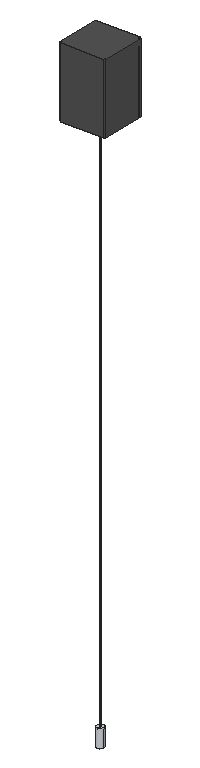
Revit family "Centro2.0-Hub", category Lighting Fixtures, host Face, Revit 2018
Family settings
  Host = Face
  Round Connector Dimension = Use Diameter
  Part Type = Normal
  Cut with Voids When Loaded = No
  Light Source = No
  Shared = Yes
  Room Calculation Point = No
Parameters (values of type "90X - Hub")
  Type Comments = ""
  Material [instance] = LUX ILLUMINAIRE Black
  Code Label Visibility = yes
  Code Label = "CEN90X"
  Suspension Length [instance] = 3' - 0"
  Manufacturer = "LUX ILLUMINAIRE"
  Lamp = "LED"
  Fixture Symbol - Centro - Visibility = yes
  Fixture Height = 0' - 4"
  Fixture Top [instance] = Suspension Length - Fixture Height  # 2' - 8"
  60L - Hub = no
  45L - Hub = no
  30L - Hub = no
  135Y - Hub = no
  135X - Hub = no
  120Y - Hub = no
  90X - Hub = yes
  90T - Hub = no
  135L - Hub = no
  Default Elevation = 4' - 0"
  built-in parameter 1140040 [instance] = (empty or 0)
  90L - Hub = no
  120X - Hub = no
  120L - Hub = no
  Apparent Load = 0 VA
Types (12): name | Type Comments | Code Label | Suspension Length | Manufacturer | Fixture Top | 60L - Hub | 45L - Hub | 30L - Hub | 135Y - Hub | 135X - Hub | 120Y - Hub | 90X - Hub | 90T - Hub | 135L - Hub | 90L - Hub | 120X - Hub | 120L - Hub
  135L - Hub | "LUX ILLUMINAIRE" | "CEN135L" | 2' - 0" | 0' - 0" | 1' - 8" | no | no | no | no | no | no | no | no | yes | no | no | no
  120L - Hub | "" | "CEN120L" | 2' - 0" | "LUX ILLUMINAIRE" | 1' - 8" | no | no | no | no | no | no | no | no | no | no | no | yes
  90L - Hub | "" | "CEN90L" | 2' - 0" | "LUX ILLUMINAIRE" | 1' - 8" | no | no | no | no | no | no | no | no | no | yes | no | no
  90T - Hub | "" | "CEN90T" | 2' - 0" | "LUX ILLUMINAIRE" | 1' - 8" | no | no | no | no | no | no | no | yes | no | no | no | no
  90X - Hub | "" | "CEN90X" | 3' - 0" | "LUX ILLUMINAIRE" | 2' - 8" | no | no | no | no | no | no | yes | no | no | no | no | no
  120Y - Hub | "" | "CEN120Y" | 2' - 0" | "LUX ILLUMINAIRE" | 1' - 8" | no | no | no | no | no | yes | no | no | no | no | no | no
  135Y - Hub | "" | "CEN135Y" | 2' - 0" | "LUX ILLUMINAIRE" | 1' - 8" | no | no | no | yes | no | no | no | no | no | no | no | no
  30L - Hub | "" | "CEN30L" | 2' - 0" | "LUX ILLUMINAIRE" | 1' - 8" | no | no | yes | no | no | no | no | no | no | no | no | no
  45L - Hub | "" | "CEN45L" | 2' - 0" | "LUX ILLUMINAIRE" | 1' - 8" | no | yes | no | no | no | no | no | no | no | no | no | no
  60L - Hub | "" | "CEN60L" | 2' - 0" | "LUX ILLUMINAIRE" | 1' - 8" | yes | no | no | no | no | no | no | no | no | no | no | no
  120X - Hub | "" | "CEN120X" | 2' - 0" | "LUX ILLUMINAIRE" | 1' - 8" | no | no | no | no | no | no | no | no | no | no | yes | no
  135X - Hub | "" | "CEN135X" | 2' - 0" | "LUX ILLUMINAIRE" | 1' - 8" | no | no | no | no | yes | no | no | no | no | no | no | no
Reference planes (in)
  plane 1 "Center (Front/Back)": y = 0
  plane 2: z = 0
  plane 3 "Center (Left/Right)": x = 0
  plane 4: z = 36
  plane 5: z = 1
  plane 6: z = 32
  plane 7: z = 31.25
Forms (in)
  Extrusion 1, solid
    sketch origin (0, 24, 0) x (1, 0, 0) y (0, 1, 0)
      loop
        circle (0.00029, -24) r 0.1875
    from 0 to 1
  Extrusion 2, solid
    sketch origin (0, 24, 0) x (1, 0, 0) y (0, 1, 0)
      loop
        circle (0.0005, -24) r 0.03125
    from 1 to 31.25
  Extrusion 3, solid
    sketch origin (0, 24, 0) x (1, 0, 0) y (0, 1, 0)
      loop
        circle (0.0005, -24) r 0.18729
    from 31.25 to 32
  Extrusion 4, solid, not visible
    sketch origin (0, 0, 0) x (1, 0, 0) y (0, 1, 0)
      loop
        circle (0.00029, -24) r 0.1875
    from 0 to 1
  Extrusion 5, solid, not visible
    sketch origin (0, 0, 0) x (1, 0, 0) y (0, 1, 0)
      loop
        circle (0.0005, -24) r 0.03125
    from 1 to 13.33203
  Extrusion 6, solid, not visible
    sketch origin (0, 0, 0) x (1, 0, 0) y (0, 1, 0)
      loop
        circle (0.0005, -24) r 0.18729
    from 13.33203 to 14.08203
  Extrusion 7, solid, material "LUX ILLUMINAIRE Black" <- "Material", visible <- "135L - Hub"
    sketch origin (0, 24, 0) x (1, 0, 0) y (0, 1, 0)
      loop
        line (-1.225, -22.69) -> (-1.225, -24.45563)
        arc (-1.225, -24.45563) -> (-1.21548, -24.50347) -> (-1.18839, -24.54402) r 0.125
        line (-1.18839, -24.54402) -> (0.0601, -25.79252) -> (1.79252, -24.0601) -> (1.26161, -23.5292)
        arc (1.26161, -23.5292) -> (1.23452, -23.48865) -> (1.225, -23.44081) r 0.125
        line (1.225, -23.44081) -> (1.225, -22.69) -> (-1.225, -22.69)
    from 32 <- "Fixture Top" to 36 <- "Suspension Length"
  Extrusion 8, solid, material "LUX ILLUMINAIRE Black" <- "Material", visible <- "120L - Hub"
    sketch origin (0, 0, 0) x (1, 0, 0) y (0, 1, 0)
      loop
        line (-1.225, 1.31) -> (-1.225, -0.63509)
        arc (-1.225, -0.63509) -> (-1.20825, -0.69759) -> (-1.1625, -0.74334) r 0.125
        line (-1.1625, -0.74334) -> (0.52199, -1.71588) -> (1.74699, 0.40588) -> (1.2875, 0.67117)
        arc (1.2875, 0.67117) -> (1.24175, 0.71692) -> (1.225, 0.77942) r 0.125
        line (1.225, 0.77942) -> (1.225, 1.31) -> (-1.225, 1.31)
    from 32 <- "Fixture Top" to 36 <- "Suspension Length"
  Extrusion 9, solid, material "LUX ILLUMINAIRE Black" <- "Material", visible <- "90L - Hub"
    sketch origin (0, 0, 0) x (1, 0, 0) y (0, 1, 0)
      loop
        line (-1.31, -1.22) -> (-1.24, -1.22)
        arc (-1.24, -1.22) -> (-1.22586, -1.22586) -> (-1.22, -1.24) r 0.02
        line (-1.22, -1.24) -> (-1.22, -1.31) -> (1.23, -1.31) -> (1.23, 1.1)
        arc (1.23, 1.1) -> (1.19192, 1.19192) -> (1.1, 1.23) r 0.13
        line (1.1, 1.23) -> (-1.31, 1.23) -> (-1.31, -1.22)
    from 32 <- "Fixture Top" to 36 <- "Suspension Length"
  Extrusion 10, solid, material "LUX ILLUMINAIRE Black" <- "Material", visible <- "120Y - Hub"
    sketch origin (0, 0, 0) x (1, 0, 0) y (0, 1, 0)
      loop
        line (-1.225, 1.31) -> (-1.225, 0.77942)
        arc (-1.225, 0.77942) -> (-1.24175, 0.71692) -> (-1.2875, 0.67117) r 0.125
        line (-1.2875, 0.67117) -> (-1.74699, 0.40588) -> (-0.52199, -1.71588) -> (-0.0625, -1.45059)
        arc (-0.0625, -1.45059) -> (0, -1.43385) -> (0.0625, -1.45059) r 0.125
        line (0.0625, -1.45059) -> (0.52199, -1.71588) -> (1.74699, 0.40588) -> (1.2875, 0.67117)
        arc (1.2875, 0.67117) -> (1.24175, 0.71692) -> (1.225, 0.77942) r 0.125
        line (1.225, 0.77942) -> (1.225, 1.31) -> (-1.225, 1.31)
    from 32 <- "Fixture Top" to 36 <- "Suspension Length"
  Extrusion 11, solid, material "LUX ILLUMINAIRE Black" <- "Material", visible <- "135Y - Hub"
    sketch origin (0, 0, 0) x (1, 0, 0) y (0, 1, 0)
      loop
        line (-1.225, 1.31) -> (-1.225, 0.56145)
        arc (-1.225, 0.56145) -> (-1.23452, 0.51362) -> (-1.26161, 0.47306) r 0.125
        line (-1.26161, 0.47306) -> (-1.79365, -0.05897) -> (-0.06124, -1.79138) -> (-0.01414, -1.74429)
        arc (-0.01414, -1.74429) -> (0, -1.73843) -> (0.01414, -1.74429) r 0.02
        line (0.01414, -1.74429) -> (0.06124, -1.79138) -> (1.79252, -0.0601) -> (1.26161, 0.4708)
        arc (1.26161, 0.4708) -> (1.23452, 0.51135) -> (1.225, 0.55919) r 0.125
        line (1.225, 0.55919) -> (1.225, 1.31) -> (-1.225, 1.31)
    from 32 <- "Fixture Top" to 36 <- "Suspension Length"
  Extrusion 12, solid, material "LUX ILLUMINAIRE Black" <- "Material", visible <- "90T - Hub"
    sketch origin (0, 0, 0) x (1, 0, 0) y (0, 1, 0)
      loop
        line (-1.31, -1.225) -> (-1.24, -1.225)
        arc (-1.24, -1.225) -> (-1.22586, -1.23086) -> (-1.22, -1.245) r 0.02
        line (-1.22, -1.245) -> (-1.22, -1.31) -> (1.23, -1.31) -> (1.23, 1.31) -> (-1.22, 1.31) -> (-1.22, 1.245)
        arc (-1.22, 1.245) -> (-1.22586, 1.23086) -> (-1.24, 1.225) r 0.02
        line (-1.24, 1.225) -> (-1.31, 1.225) -> (-1.31, -1.225)
    from 32 <- "Fixture Top" to 36 <- "Suspension Length"
  Extrusion 13, solid, material "LUX ILLUMINAIRE Black" <- "Material", visible <- "90X - Hub"
    sketch origin (0, 0, 0) x (1, 0, 0) y (0, 1, 0)
      loop
        line (-1.31, -1.225) -> (-1.245, -1.225)
        arc (-1.245, -1.225) -> (-1.23086, -1.23086) -> (-1.225, -1.245) r 0.02
        line (-1.225, -1.245) -> (-1.225, -1.31) -> (1.225, -1.31) -> (1.225, -1.245)
        arc (1.225, -1.245) -> (1.23086, -1.23086) -> (1.245, -1.225) r 0.02
        line (1.245, -1.225) -> (1.31, -1.225) -> (1.31, 1.225) -> (1.245, 1.225)
        arc (1.245, 1.225) -> (1.23086, 1.23086) -> (1.225, 1.245) r 0.02
        line (1.225, 1.245) -> (1.225, 1.31) -> (-1.225, 1.31) -> (-1.225, 1.245)
        arc (-1.225, 1.245) -> (-1.23086, 1.23086) -> (-1.245, 1.225) r 0.02
        line (-1.245, 1.225) -> (-1.31, 1.225) -> (-1.31, -1.225)
    from 32 <- "Fixture Top" to 36 <- "Suspension Length"
  Extrusion 14, solid, material "LUX ILLUMINAIRE Black" <- "Material", visible <- "60L - Hub"
    sketch origin (0, 0, 0) x (1, 0, 0) y (0, 1, 0)
      loop
        line (-1.35, 2.05) -> (-1.35, -1.69741)
        arc (-1.35, -1.69741) -> (-1.165, -2.01784) -> (-0.795, -2.01784) r 0.37
        line (-0.795, -2.01784) -> (2.45035, -0.14413) -> (1.22535, 1.97763) -> (1.16, 1.9399)
        arc (1.16, 1.9399) -> (1.12, 1.9399) -> (1.1, 1.97454) r 0.04
        line (1.1, 1.97454) -> (1.1, 2.05) -> (-1.35, 2.05)
    from 32 <- "Fixture Top" to 36 <- "Suspension Length"
  Extrusion 15, solid, material "LUX ILLUMINAIRE Black" <- "Material", visible <- "45L - Hub"
    sketch origin (0, 0, 0) x (1, 0, 0) y (0, 1, 0)
      loop
        line (-1.38, 2.64) -> (-1.38, -2.43836)
        arc (-1.38, -2.43836) -> (-1.15159, -2.78019) -> (-0.74837, -2.69999) r 0.37
        line (-0.74837, -2.69999) -> (2.84257, 0.89095) -> (1.11016, 2.62337)
        arc (1.11016, 2.62337) -> (1.08423, 2.61756) -> (1.07, 2.64) r 0.02309
        line (1.07, 2.64) -> (-1.38, 2.64)
    from 32 <- "Fixture Top" to 36 <- "Suspension Length"
  Extrusion 16, solid, material "LUX ILLUMINAIRE Black" <- "Material", visible <- "30L - Hub"
    sketch origin (0, 0, 0) x (1, 0, 0) y (0, 1, 0)
      loop
        line (-1.38, 4.07315) -> (-1.38, -3.76937)
        arc (-1.38, -3.76937) -> (-1.10576, -4.12676) -> (-0.68957, -3.95437) r 0.37
        line (-0.68957, -3.95437) -> (3.23012, 2.83472) -> (1.10835, 4.05972)
        arc (1.10835, 4.05972) -> (1.08499, 4.05341) -> (1.07101, 4.07315) r 0.02114
        line (1.07101, 4.07315) -> (-1.38, 4.07315)
    from 32 <- "Fixture Top" to 36 <- "Suspension Length"
  Extrusion 17, solid, material "LUX ILLUMINAIRE Black" <- "Material", visible <- "120X - Hub"
    sketch origin (0, 0, 0) x (1, 0, 0) y (0, 1, 0)
      loop
        line (1.22, 2.3) -> (-1.23, 2.3) -> (-1.23, 0.71014) -> (-2.60686, -0.08479) -> (-1.38186, -2.20655) -> (-1.29617, -2.15708)
        arc (-1.29617, -2.15708) -> (-1.24539, -2.15708) -> (-1.22, -2.20106) r 0.05078
        line (-1.22, -2.20106) -> (-1.22, -2.3) -> (1.23, -2.3) -> (1.23, -0.71014) -> (2.60686, 0.08479) -> (1.38186, 2.20655) -> (1.29471, 2.15624)
        arc (1.29471, 2.15624) -> (1.2449, 2.15624) -> (1.22, 2.19937) r 0.04981
        line (1.22, 2.19937) -> (1.22, 2.3)
    from 32 <- "Fixture Top" to 36 <- "Suspension Length"
  Extrusion 18, solid, material "LUX ILLUMINAIRE Black" <- "Material", visible <- "135X - Hub"
    sketch origin (0, 0, 0) x (1, 0, 0) y (0, 1, 0)
      loop
        line (1.22, 3.13) -> (-1.23, 3.13) -> (-1.23, 0.50948) -> (-3.08299, -1.3435) -> (-1.35057, -3.07591) -> (-1.30881, -3.03415)
        arc (-1.30881, -3.03415) -> (-1.25211, -3.02287) -> (-1.22, -3.07093) r 0.05202
        line (-1.22, -3.07093) -> (-1.22, -3.13) -> (1.23, -3.13) -> (1.23, -0.50948) -> (3.08299, 1.3435) -> (1.35057, 3.07591) -> (1.3049, 3.03024)
        arc (1.3049, 3.03024) -> (1.2507, 3.01946) -> (1.22, 3.0654) r 0.04973
        line (1.22, 3.0654) -> (1.22, 3.13)
    from 32 <- "Fixture Top" to 36 <- "Suspension Length"
Lines and regions (in)
  symbolic lines, visible <- "Fixture Symbol - Centro - Visibility"
    curve 1: line (4, 4, 0) -> (4, -4, 0)
    curve 2: line (-4, 4, 0) -> (4, 4, 0)
    curve 3: line (-4, -4, 0) -> (-4, 4, 0)
    curve 4: line (4, -4, 0) -> (-4, -4, 0)
  symbolic lines, not visible
    curve 5: circle (0, 0, 0) r 4 normal (0, 0, 1)
Dimensions and locks (in)
  plane 4 to host face = 3' - 0"
  "Suspension Length": plane 4 to level
  locked: plane 6 to plane 7 at 0.75
  "Fixture Height": plane 4 to plane 6
  Extrusion 17 sketch curve to plane 3 "Center (Left/Right)" = 0' - 2.3"  (x2)
  aligned and locked: plane 2 to host face
  aligned and locked: level to host face
  aligned and locked: plane 6 to Extrusion 3
  aligned and locked: Extrusion 3 to plane 7
  aligned and locked: plane 7 to Extrusion 2
Automatic sketch dimensions
  host sketch curve to host sketch curve = 8' - 0"  (x2)
  plane 3 "Center (Left/Right)" to Extrusion 1 sketch curve = 0' - 0.00029"
  plane 3 "Center (Left/Right)" to Extrusion 2 sketch curve = 0' - 0.0005"
  plane 3 "Center (Left/Right)" to Extrusion 3 sketch curve = 0' - 0.0005"
  plane 1 "Center (Front/Back)" to Extrusion 1 sketch curve = 0' - 0"
  plane 1 "Center (Front/Back)" to Extrusion 2 sketch curve = 0' - 0"
  plane 1 "Center (Front/Back)" to Extrusion 3 sketch curve = 0' - 0"
  plane 1 "Center (Front/Back)" to curve 5 = 0' - 0"
  curve 5 to plane 3 "Center (Left/Right)" = 0' - 0"
  curve 3 to plane 3 "Center (Left/Right)" = 0' - 4"
  plane 3 "Center (Left/Right)" to curve 4 = 0' - 4"
  plane 1 "Center (Front/Back)" to curve 3 = 0' - 4"
  curve 2 to plane 1 "Center (Front/Back)" = 0' - 4"
  Extrusion 14 sketch curve to Extrusion 14 sketch curve = 0' - 0.37"
  Extrusion 14 sketch curve to Extrusion 14 sketch curve = 0' - 0.185"
  Extrusion 14 sketch curve to Extrusion 14 sketch curve = 0' - 0.04"
  Extrusion 14 sketch curve to Extrusion 14 sketch curve = 0' - 0.02"
  Extrusion 14 sketch curve to Extrusion 14 sketch curve = 0' - 0.06535"
  plane 1 "Center (Front/Back)" to Extrusion 14 sketch curve = 0' - 0.14413"
  Extrusion 14 sketch curve to Extrusion 14 sketch curve = 0' - 1.225"
  plane 3 "Center (Left/Right)" to Extrusion 14 sketch curve = 0' - 1.1"
  Extrusion 14 sketch curve to plane 3 "Center (Left/Right)" = 0' - 0.795"
  Extrusion 14 sketch curve to Extrusion 14 sketch curve = 0' - 0.07546"
  Extrusion 15 sketch curve to plane 3 "Center (Left/Right)" = 0' - 1.38"
  Extrusion 15 sketch curve to Extrusion 15 sketch curve = 0' - 0.37"
  Extrusion 15 sketch curve to Extrusion 15 sketch curve = 0' - 0.26163"
  Extrusion 15 sketch curve to plane 1 "Center (Front/Back)" = 0' - 0.89095"
  Extrusion 15 sketch curve to Extrusion 15 sketch curve = 0' - 0.00111"
  Extrusion 15 sketch curve to Extrusion 15 sketch curve = 0' - 0.02306"
  Extrusion 15 sketch curve to Extrusion 15 sketch curve = 0' - 0.01709"
  plane 3 "Center (Left/Right)" to Extrusion 15 sketch curve = 0' - 1.07"
  Extrusion 15 sketch curve to Extrusion 15 sketch curve = 0' - 1.73241"
  Extrusion 16 sketch curve to plane 3 "Center (Left/Right)" = 0' - 1.38"
  Extrusion 16 sketch curve to Extrusion 16 sketch curve = 0' - 0.37"
  Extrusion 16 sketch curve to Extrusion 16 sketch curve = 0' - 0.32043"
  Extrusion 16 sketch curve to Extrusion 16 sketch curve = 0' - 0.01621"
  Extrusion 16 sketch curve to Extrusion 16 sketch curve = 0' - 0.01358"
  Extrusion 16 sketch curve to Extrusion 16 sketch curve = 0' - 0.00015"
  plane 3 "Center (Left/Right)" to Extrusion 16 sketch curve = 0' - 1.07101"
  Extrusion 16 sketch curve to plane 1 "Center (Front/Back)" = 0' - 2.83472"
  Extrusion 16 sketch curve to Extrusion 16 sketch curve = 0' - 2.12176"
  plane 1 "Center (Front/Back)" to Extrusion 17 sketch curve = 0' - 0.08479"
  Extrusion 17 sketch curve to plane 3 "Center (Left/Right)" = 0' - 1.38186"
  Extrusion 17 sketch curve to Extrusion 17 sketch curve = 0' - 0.08569"
  Extrusion 17 sketch curve to Extrusion 17 sketch curve = 0' - 0.02539"
  Extrusion 17 sketch curve to plane 3 "Center (Left/Right)" = 0' - 1.23"
  Extrusion 17 sketch curve to Extrusion 17 sketch curve = 0' - 0 13/256"
  plane 3 "Center (Left/Right)" to Extrusion 17 sketch curve = 0' - 1.22"
  plane 3 "Center (Left/Right)" to Extrusion 17 sketch curve = 0' - 1.23"
  Extrusion 17 sketch curve to Extrusion 17 sketch curve = 0' - 0.04981"
  Extrusion 17 sketch curve to Extrusion 17 sketch curve = 0' - 0.0249"
  Extrusion 17 sketch curve to Extrusion 17 sketch curve = 0' - 0.08714"
  Extrusion 17 sketch curve to plane 1 "Center (Front/Back)" = 0' - 0.08479"
  Extrusion 17 sketch curve to Extrusion 17 sketch curve = 0' - 0.09894"
  Extrusion 17 sketch curve to Extrusion 17 sketch curve = 0' - 1 151/256"
  plane 1 "Center (Front/Back)" to Extrusion 18 sketch curve = 0' - 1.3435"
  Extrusion 18 sketch curve to plane 3 "Center (Left/Right)" = 0' - 1.35057"
  Extrusion 18 sketch curve to Extrusion 18 sketch curve = 0' - 0.04177"
  Extrusion 18 sketch curve to Extrusion 18 sketch curve = 0' - 0.03679"
  Extrusion 18 sketch curve to plane 1 "Center (Front/Back)" = 0' - 0.50948"
  Extrusion 18 sketch curve to plane 3 "Center (Left/Right)" = 0' - 1.23"
  Extrusion 18 sketch curve to Extrusion 18 sketch curve = 0' - 0.05202"
  plane 3 "Center (Left/Right)" to Extrusion 18 sketch curve = 0' - 1.22"
  plane 3 "Center (Left/Right)" to Extrusion 18 sketch curve = 0' - 1.23"
  Extrusion 18 sketch curve to Extrusion 18 sketch curve = 0' - 0.04973"
  Extrusion 18 sketch curve to Extrusion 18 sketch curve = 0' - 0 9/256"
  Extrusion 18 sketch curve to Extrusion 18 sketch curve = 0' - 0.04568"
  Extrusion 18 sketch curve to plane 1 "Center (Front/Back)" = 0' - 1.3435"
  Extrusion 18 sketch curve to Extrusion 18 sketch curve = 0' - 0.05907"
  plane 1 "Center (Front/Back)" to Extrusion 18 sketch curve = 0' - 0.50948"
  Extrusion 18 sketch curve to Extrusion 18 sketch curve = 0' - 0.0646"
  Extrusion 9 sketch curve to plane 3 "Center (Left/Right)" = 0' - 1.31"
  Extrusion 9 sketch curve to Extrusion 9 sketch curve = 0' - 0.07"  (x2)
  Extrusion 9 sketch curve to Extrusion 9 sketch curve = 0' - 0.02"
  plane 3 "Center (Left/Right)" to Extrusion 9 sketch curve = 0' - 1.1"
  plane 3 "Center (Left/Right)" to Extrusion 9 sketch curve = 0' - 1.23"
  plane 1 "Center (Front/Back)" to Extrusion 9 sketch curve = 0' - 1.31"
  Extrusion 9 sketch curve to plane 1 "Center (Front/Back)" = 0' - 1.1"
  Extrusion 13 sketch curve to plane 3 "Center (Left/Right)" = 0' - 1.31"
  Extrusion 13 sketch curve to Extrusion 13 sketch curve = 0' - 0.065"  (x6)
  Extrusion 13 sketch curve to Extrusion 13 sketch curve = 0' - 0.02"  (x4)
  plane 3 "Center (Left/Right)" to Extrusion 13 sketch curve = 0' - 1.225"  (x2)
  plane 1 "Center (Front/Back)" to Extrusion 13 sketch curve = 0' - 1.31"
  Extrusion 13 sketch curve to plane 1 "Center (Front/Back)" = 0' - 1.225"  (x2)
  Extrusion 12 sketch curve to plane 3 "Center (Left/Right)" = 0' - 1.31"
  Extrusion 12 sketch curve to Extrusion 12 sketch curve = 0' - 0.07"  (x2)
  Extrusion 12 sketch curve to Extrusion 12 sketch curve = 0' - 0.02"  (x2)
  plane 3 "Center (Left/Right)" to Extrusion 12 sketch curve = 0' - 1.23"
  plane 1 "Center (Front/Back)" to Extrusion 12 sketch curve = 0' - 1.31"
  Extrusion 12 sketch curve to Extrusion 12 sketch curve = 0' - 0.065"  (x2)
  Extrusion 12 sketch curve to plane 1 "Center (Front/Back)" = 0' - 1.225"
  Extrusion 8 sketch curve to plane 3 "Center (Left/Right)" = 0' - 1.225"
  plane 1 "Center (Front/Back)" to Extrusion 8 sketch curve = 0' - 0.74334"
  Extrusion 8 sketch curve to Extrusion 8 sketch curve = 0' - 0 1/16"  (x2)
  Extrusion 8 sketch curve to Extrusion 8 sketch curve = 0' - 0 1/8"  (x2)
  plane 3 "Center (Left/Right)" to Extrusion 8 sketch curve = 0' - 0.52199"
  plane 3 "Center (Left/Right)" to Extrusion 8 sketch curve = 0' - 1.225"
  Extrusion 8 sketch curve to plane 1 "Center (Front/Back)" = 0' - 0.67117"
  Extrusion 8 sketch curve to plane 1 "Center (Front/Back)" = 0' - 0.40588"
  Extrusion 8 sketch curve to Extrusion 8 sketch curve = 0' - 0.53058"
  Extrusion 7 sketch curve to plane 3 "Center (Left/Right)" = 0' - 1.225"
  Extrusion 7 sketch curve to Extrusion 7 sketch curve = 0' - 0.03661"  (x2)
  Extrusion 7 sketch curve to plane 3 "Center (Left/Right)" = 0' - 1.1"
  plane 3 "Center (Left/Right)" to Extrusion 7 sketch curve = 0' - 0.0601"
  plane 3 "Center (Left/Right)" to Extrusion 7 sketch curve = 0' - 1.225"
  Extrusion 7 sketch curve to plane 1 "Center (Front/Back)" = 0' - 0.4708"
  Extrusion 7 sketch curve to Extrusion 7 sketch curve = 0' - 0 1/8"
  plane 1 "Center (Front/Back)" to Extrusion 7 sketch curve = 0' - 0.0601"
  Extrusion 7 sketch curve to Extrusion 7 sketch curve = 0' - 0.5309"
  Extrusion 7 sketch curve to plane 1 "Center (Front/Back)" = 0' - 1.31"
  Extrusion 11 sketch curve to plane 3 "Center (Left/Right)" = 0' - 0"
  Extrusion 11 sketch curve to plane 3 "Center (Left/Right)" = 0' - 0.01414"
  Extrusion 11 sketch curve to Extrusion 11 sketch curve = 0' - 0.04709"  (x2)
  Extrusion 11 sketch curve to plane 3 "Center (Left/Right)" = 0' - 1.225"
  Extrusion 11 sketch curve to plane 1 "Center (Front/Back)" = 0' - 0.47306"
  Extrusion 11 sketch curve to Extrusion 11 sketch curve = 0' - 0.03661"  (x2)
  Extrusion 11 sketch curve to Extrusion 11 sketch curve = 0' - 0.08839"
  plane 1 "Center (Front/Back)" to Extrusion 11 sketch curve = 0' - 0.05897"
  Extrusion 11 sketch curve to Extrusion 11 sketch curve = 0' - 0.53204"
  plane 3 "Center (Left/Right)" to Extrusion 11 sketch curve = 0' - 0.01414"
  Extrusion 11 sketch curve to plane 1 "Center (Front/Back)" = 0' - 0.55919"
  plane 3 "Center (Left/Right)" to Extrusion 11 sketch curve = 0' - 1.225"
  Extrusion 11 sketch curve to plane 1 "Center (Front/Back)" = 0' - 0.4708"
  plane 1 "Center (Front/Back)" to Extrusion 11 sketch curve = 0' - 0.0601"
  Extrusion 11 sketch curve to Extrusion 11 sketch curve = 0' - 0.01414"
  Extrusion 11 sketch curve to Extrusion 11 sketch curve = 0' - 0.75081"
  Extrusion 10 sketch curve to plane 3 "Center (Left/Right)" = 0' - 0"
  Extrusion 10 sketch curve to plane 3 "Center (Left/Right)" = 0' - 0 1/16"
  Extrusion 10 sketch curve to Extrusion 10 sketch curve = 0' - 0.45949"  (x3)
  Extrusion 10 sketch curve to plane 3 "Center (Left/Right)" = 0' - 1.225"
  Extrusion 10 sketch curve to plane 1 "Center (Front/Back)" = 0' - 0.67117"  (x2)
  Extrusion 10 sketch curve to Extrusion 10 sketch curve = 0' - 0 1/16"  (x2)
  Extrusion 10 sketch curve to Extrusion 10 sketch curve = 0' - 0 1/8"  (x2)
  Extrusion 10 sketch curve to plane 1 "Center (Front/Back)" = 0' - 0.40588"  (x2)
  plane 3 "Center (Left/Right)" to Extrusion 10 sketch curve = 0' - 0 1/16"
  plane 3 "Center (Left/Right)" to Extrusion 10 sketch curve = 0' - 1.225"
  Extrusion 10 sketch curve to Extrusion 10 sketch curve = 0' - 0.10825"
  Extrusion 10 sketch curve to Extrusion 10 sketch curve = 0' - 0.53058"
  radius of Extrusion 1 sketch curve = 0' - 0 3/16"
  radius of Extrusion 2 sketch curve = 0' - 0 1/32"
  radius of Extrusion 3 sketch curve = 0' - 0.18729"
  radius of Extrusion 4 sketch curve = 0' - 0 3/16"
  radius of Extrusion 5 sketch curve = 0' - 0 1/32"
  radius of Extrusion 6 sketch curve = 0' - 0.18729"
  radius of curve 5 = 0' - 4"
Nested families (in)
  nested 1: "Switch Leg Annotation" at (10.75913, -2.02421, 0) x (0, 1, 0) z (0, 0, 1), visible <- "Code Label Visibility", Switch Leg Annotation <- "Code Label", type "Switch Leg Annotation"
    with Switch Leg Annotation "CEN90X"
Definition of nested family "Switch Leg Annotation"
  Parameters (values of type "Switch Leg Annotation")
    Switch Leg Annotation [instance] = ""
  Reference planes (in)
    plane 1: y = 0
    plane 2: x = 0
  Text (in)
    label "a" at (0.00527, 0.01239, 0), shows "Switch Leg Annotation"
